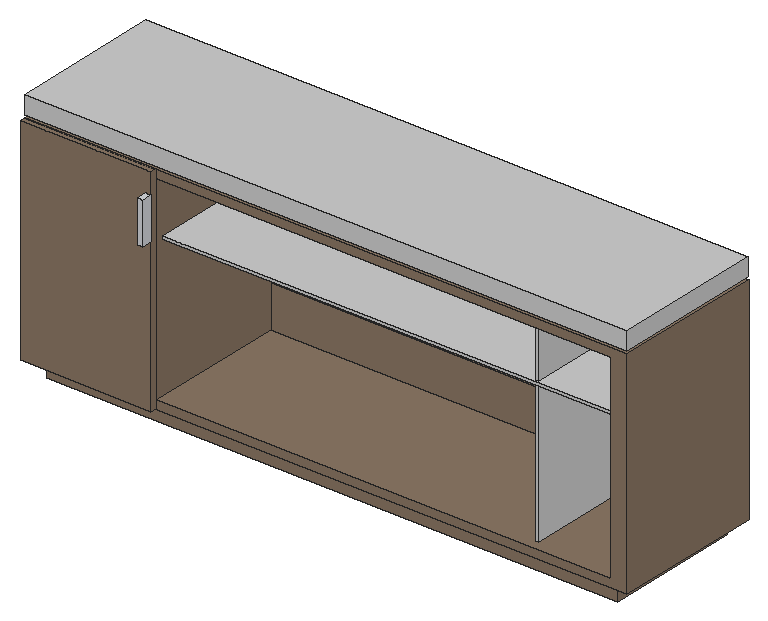
Revit family
Parameters
  URL = "http://www.martinbrattrud.com"
  Table Top [instance] = none
  SCS Certified Product = "Yes"
  Model = "Links 293-57L"
  Manufacturer = "Martin Brattrud, Inc."
  Leg [instance] = none
  Keynote = "125000"
  Foot [instance] = none
  Copyright = "© 2013 Martin Brattrud, Inc."
  Chair [instance] = none
  Authoring Version = "Revit Architecture 2010"
  Assembly Code = "E2020200"
Reference planes (in)
  plane 1 "Center Front/Back": y = 0
  plane 2: z = 0
  plane 3 "Center Left/Right": x = 0
  plane 4: z = 22.00852
  plane 5: z = 0
  plane 6: z = 1.5
  plane 7: x = -13
  plane 8: x = 28.75
  plane 9: x = -7.25
  plane 10: x = 7.25
  plane 11: x = -6.25
  plane 12: x = 6.25
  plane 13: x = -11.5
  plane 14: x = 28.75
  plane 15: x = 27.25
  plane 16: x = -10.62
  plane 17: z = 21.25852
  plane 18: z = 2.25
  plane 19: x = -12.25
  plane 20: x = 28
  plane 21: y = 7.25
  plane 22: y = 6.5
  plane 23: z = 6.25
  plane 24: z = 22.25
  plane 25: x = -11.5
  plane 26: z = 24
  plane 27: z = 22.25
  plane 28: z = 16.00852
  plane 29: y = -7.25
  plane 30: x = 28.75
  plane 31: x = -25.5
  plane 32: x = -13.75
  plane 33: x = -25.5
  plane 34: x = -24
  plane 35: x = -24.75
  plane 36: x = -24
  plane 37: y = -8.25
  plane 38: x = -13
  plane 39: y = -9.25
  plane 40: y = -6.5
  plane 41: y = -6.5
  plane 42: x = 28.75
  plane 43: x = -28.75
Forms (in)
  Extrusion 1, solid
    sketch origin (-10.00002, 21.86807, 0) x (0, -1, 0) y (1, 0, 0)
      loop
        line (15.36807, 37.25002) -> (15.36807, -17.24998) -> (28.36807, -17.24998) -> (28.36807, 37.25002) -> (15.36807, 37.25002)
    from 0 to 1.5
  Extrusion 2, void
    sketch origin (32.5, -30.5, -0.5) x (0, -1, 0) y (0, 0, 1)
      loop
        line (-23.75, 21.75852) -> (-37, 21.75852) -> (-37, 2.75) -> (-23.75, 2.75) -> (-23.75, 21.75852)
    from 5.25 to 48.75
  Extrusion 3, solid
    sketch origin (-3.25, 0, -0.25) x (0, 1, 0) y (0, 0, -1)
      loop
        line (-7.25, -1.75) -> (-7.25, -22.25852) -> (7.25, -22.25852) -> (7.25, -1.75) -> (-7.25, -1.75)
    from -32 to 13
  Extrusion 4, void
    sketch origin (32.5, -30.5, -4.5) x (0, -1, 0) y (0, 0, 1)
      loop
        line (-20.81533, 20.25) -> (-38.75, 20.25) -> (-38.75, 6.75) -> (-20.81533, 6.75) -> (-20.81533, 20.25)
    from 5.25 to 48.75
  Extrusion 5, solid
    sketch origin (-10.00002, 21.86807, 22.00852) x (0, -1, 0) y (1, 0, 0)
      loop
        line (15.36807, 38.00002) -> (15.36807, -17.99998) -> (28.36807, -17.99998) -> (28.36807, 38.00002) -> (15.36807, 38.00002)
    from 0 to 0.24148
  Extrusion 6, solid
    sketch origin (-10.00002, 21.86807, 23.75852) x (0, -1, 0) y (1, 0, 0)
      loop
        line (14.61807, 38.75002) -> (14.61807, -18.74998) -> (29.11807, -18.74998) -> (29.11807, 38.75002) -> (14.61807, 38.75002)
    from -1.50852 to 0.24148
  Extrusion 7, solid
    sketch origin (-10.00002, 21.86807, 17.25852) x (0, -1, 0) y (1, 0, 0)
      loop
        line (15.36807, 37.25002) -> (15.36807, -6.24998) -> (28.61807, -6.24998) -> (28.61807, 37.25002) -> (15.36807, 37.25002)
    from -1.50852 to -1.25
  Extrusion 8, solid
    sketch origin (18, 21.86807, -1.7415) x (0, -1, 0) y (0, 0, 1)
      loop
        line (15.36807, 17.4915) -> (15.36807, 3.9915) -> (28.11807, 3.9915) -> (28.11807, 17.4915) -> (15.36807, 17.4915)
    from -1.50852 to -1.25
  Extrusion 9, solid
    sketch origin (18, 21.86807, 12.01702) x (0, -1, 0) y (0, 0, 1)
      loop
        line (15.36807, 9.2415) -> (15.36807, 3.9915) -> (28.11807, 3.9915) -> (28.11807, 9.2415) -> (15.36807, 9.2415)
    from -1.50852 to -1.25
  Extrusion 10, solid
    sketch origin (-3.25, 0, 0) x (1, 0, 0) y (0, 0, 1)
      loop
        line (-13, 22.00852) -> (-25.5, 22.00852) -> (-25.5, 1.5) -> (-13, 1.5) -> (-13, 22.00852)
    from -7.25 to 7.25
  Extrusion 11, void
    sketch origin (20, -30.5, -0.99148) x (0, -1, 0) y (0, 0, 1)
      loop
        line (-23, 16.25) -> (-37, 16.25) -> (-37, 3.24148) -> (-23, 3.24148) -> (-23, 16.25)
    from 37 to 48
  Extrusion 12, void
    sketch origin (20, -30.5, 12.76704) x (0, -1, 0) y (0, 0, 1)
      loop
        line (-23.25, 8.49148) -> (-37, 8.49148) -> (-37, 3.24148) -> (-23.25, 3.24148) -> (-23.25, 8.49148)
    from 37 to 48
  Extrusion 13, solid
    sketch origin (-3.25, 0, 0) x (1, 0, 0) y (0, 0, 1)
      loop
        line (-25.5, 22.00852) -> (-25.5, 1.5) -> (-13, 1.5) -> (-13, 22.00852) -> (-25.5, 22.00852)
    from 7.25 to 7.75
  Extrusion 14, solid
    sketch origin (-3.25, 0.5, 0) x (1, 0, 0) y (0, 0, 1)
      loop
        line (-13, 16.00852) -> (-13, 20.00852) -> (-13.5, 20.00852) -> (-13.5, 16.00852) -> (-13, 16.00852)
    from 8.25 to 9.25
  Extrusion 15, void
    sketch origin (20, -30, -0.49148) x (0, -1, 0) y (0, 0, 1)
      loop
        line (-22.75, 16.5) -> (-24.25, 16.5) -> (-24.25, 15.75) -> (-22.75, 15.75) -> (-22.75, 16.5)
    from 37 to 48
  Extrusion 16, void
    sketch origin (32.5, -45.25, -4.5) x (0, -1, 0) y (0, 0, 1)
      loop
        line (-36, 25.75852) -> (-38.75, 25.75852) -> (-38.75, 6.75) -> (-36, 6.75) -> (-36, 25.75852)
    from 5.25 to 48.75
  Extrusion 17, solid
    sketch origin (-3.25, 0, 0) x (1, 0, 0) y (0, 0, 1)
      loop
        line (-13, 2.25) -> (30.5, 2.25) -> (30.5, 6.25) -> (-13, 6.25) -> (-13, 2.25)
    from -7.25 to -6.5
Cuts and joins
  Extrusion 11, Extrusion 16 cuts Extrusion 7
  Extrusion 11, Extrusion 16 cuts Extrusion 8
  Extrusion 11 cuts Extrusion 9
  Extrusion 2, Extrusion 4, Extrusion 11, Extrusion 12, Extrusion 15, Extrusion 16 cuts Extrusion 3
  Extrusion 11, Extrusion 12, Extrusion 15, Extrusion 16 cuts Extrusion 10
  joined: Extrusion 3, Extrusion 10, Extrusion 17
  Extrusion 16 cuts Extrusion 13
